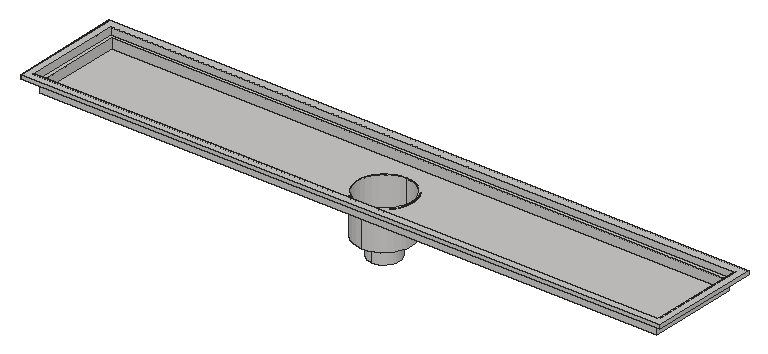
Revit family "QF_ELECTROLUXPROFESSIONAL_328065_FDB40230", category Attrezzature speciali, Revit 2020
Family settings
  Quota connettore circolare = Usa diametro
  Tipo di parte = Normale
  Basato su piano di lavoro = No
  Sempre verticale = Sì
  Taglio con vuoti quando caricato = No
  Condiviso = No
  Punto di calcolo locali = No
Parameters (values of type "Standard")
  Weight = 77.1618 lbm
  Watts = 0 W
  Volts = 0 V
  URL Manufacturer = "https://www.electroluxprofessional.com/"
  URL = "https://www.electroluxprofessional.com/"
  Steam Supply Size = 0"
  Steam Supply Minimum Pressure = 0.00 psi
  Steam Supply Maximum Pressure = 0.00 psi
  Steam Consumption per Hour = 0
  Refrigeration Suction Line Size = 0 mm
  Refrigeration Liquid Line Size = 0 mm
  Refrigerant Compressor Remote = yes
  Prospetto di default = 0 mm
  Phase = 0
  Modello = "FDB40230"
  Produttore = "Electrolux Professional"
  Length Actual = 2300 mm  # constant formula
  Item Number = "328065"
  Hot Water Size = 0"
  Height Actual = 265 mm  # constant formula
  HP = "0 HP"
  Gas Size = 0"
  Gas KW = 0
  Gas Input Pressure = 0.0 Btu/h
  Direct Waste Size = 3.93701"
  Descrizione = "FLR.DRAIN+GRATE+C.SIPH-VERT.OUT.400X2300"
  Depth Actual = 400 mm  # constant formula
  Cycle = 0 Hz
  Condensate Return Size = 0"
  Compressed Air Volume = 0 GPM
  Compressed Air Size = 0"
  Compressed Air Pressure = 0.00 psi
  Cold Water Size = 0"
  Assembly Code = ""
  Accessory = yes
Reference planes
  plane 1: z = 0
  plane 2 "Center (Front/Back)": y = -102.225
  plane 3 "Center (Left/Right)": x = 9.791
  plane 4 "TOP": z = -265
  plane 5 "Back": y = 97.775
  plane 6 "Front": y = -302.225
  plane 7: x = -140.209
  plane 8: x = 159.791
  plane 9 "Right": x = 1159.791
  plane 10 "Left": x = -1140.209
  plane 11: x = 1134.791
Forms (mm)
  Revolve 1, solid, material "QF_Metal-Stainless-Polished"
    sketch origin (9.791, 0, 0) x (0, 1, 0) y (0, 0, 1)
      loop
        line (-2.225, -62) -> (0.775, -62) -> (0.775, -60) -> (-4.225, -60) -> (-4.225, -198) -> (-49.225, -198) -> (-49.225, -265) -> (-47.225, -265) -> (-47.225, -200) -> (-2.225, -200) -> (-2.225, -62)
      axis (-102.225, -265) -> (-102.225, -60)
    angle from 0 to 360
  Sweep 2, solid, material "QF_Finishes_Stainless Steel"
    path origin (0, 0, 0) x (1, 0, 0) y (0, 1, 0)
      loop
        line (-1140.209, 97.775) -> (-1140.209, -302.225) -> (1159.791, -302.225) -> (1159.791, 97.775) -> (-1140.209, 97.775)
    profile origin (9.791, 97.775, 0) x (0, 1, 0) y (0, 0, 1)
      loop
        line (0, -11.945) -> (0, 1) -> (-26, 1) -> (-26, -25) -> (-40, -25) -> (-40, -59) -> (-50, -59) -> (-50, -60) -> (-39, -60) -> (-39, -26) -> (-25, -26) -> (-25, 0.055) -> (-1, 0.055) -> (-1, -11.945) -> (0, -11.945)
  Extrusion 3, solid, material "QF_Finishes_Stainless Steel"
    sketch origin (0, 0, 0) x (1, 0, 0) y (0, 1, 0)
      loop
        line (-1090.209, 47.775) -> (-1090.209, -252.225) -> (1109.791, -252.225) -> (1109.791, 47.775) -> (-1090.209, 47.775)
      loop
        circle (9.791, -102.225) r 98
    from -59 to -60
Cuts and joins
  joined: Sweep 2, Extrusion 3
Lines and regions (mm)
  symbolic lines
    curve 1: line (-1140.209, 97.775, 0) -> (1159.791, 97.775, 0)
    curve 2: line (-1140.209, -302.225, 0) -> (-1140.209, 97.775, 0)
    curve 3: line (1159.791, -302.225, 0) -> (-1140.209, -302.225, 0)
    curve 4: line (1159.791, 97.775, 0) -> (1159.791, -302.225, 0)
    curve 5: circle (9.791, -102.225, 0) r 115 normal (0, 0, 1)
    curve 18: circle (9.791, -102.225, 0) r 115 normal (0, 0, -1)
    curve 24: circle (9.791, -102.225, 0) r 53 normal (0, 0, 1)
    curve 70: line (-1115.209, 72.775, 0) -> (-1115.209, -277.225, 0)
    curve 71: line (1134.791, 72.775, 0) -> (-1115.209, 72.775, 0)
    curve 72: line (-1115.209, -277.225, 0) -> (1134.791, -277.225, 0)
    curve 73: line (459.791, -277.225, 0) -> (459.791, 72.775, 0)
    curve 74: line (1134.791, 72.775, 0) -> (1134.791, -277.225, 0)
    curve 124: line (759.791, -277.225, 0) -> (759.791, 72.775, 0)
    curve 140: line (1059.791, -277.225, 0) -> (1059.791, 72.775, 0)
  model lines
    curve 6: line (-100.209, 71.775, 0) -> (-100.209, -276.225, 0)
    curve 7: line (-80.209, 71.775, 0) -> (-80.209, -276.225, 0)
    curve 8: line (-60.209, 71.775, 0) -> (-60.209, -276.225, 0)
    curve 9: line (-40.209, 71.775, 0) -> (-40.209, -276.225, 0)
    curve 10: line (-20.209, 71.775, 0) -> (-20.209, -276.225, 0)
    curve 11: line (-0.209, 71.775, 0) -> (-0.209, -276.225, 0)
    curve 12: line (19.791, 71.775, 0) -> (19.791, -276.225, 0)
    curve 13: line (39.791, 71.775, 0) -> (39.791, -276.225, 0)
    curve 14: line (59.791, 71.775, 0) -> (59.791, -276.225, 0)
    curve 15: line (79.791, 71.775, 0) -> (79.791, -276.225, 0)
    curve 16: line (99.791, 71.775, 0) -> (99.791, -276.225, 0)
    curve 17: line (119.791, 71.775, 0) -> (119.791, -276.225, 0)
    curve 19: line (-1115.209, -22.225, 0) -> (1134.791, -22.225, 0)
    curve 20: line (-1115.209, -42.225, 0) -> (1134.791, -42.225, 0)
    curve 21: line (-1115.209, -62.225, 0) -> (1134.791, -62.225, 0)
    curve 22: line (-1115.209, -102.225, 0) -> (1134.791, -102.225, 0)
    curve 23: line (-1115.209, -122.225, 0) -> (1134.791, -122.225, 0)
    curve 25: line (-1115.209, 37.775, 0) -> (1134.791, 37.775, 0)
    curve 26: line (-1115.209, 17.775, 0) -> (1134.791, 17.775, 0)
    curve 27: line (-1115.209, -2.225, 0) -> (1134.791, -2.225, 0)
    curve 28: line (-1115.209, -202.225, 0) -> (1134.791, -202.225, 0)
    curve 29: line (-1115.209, -182.225, 0) -> (1134.791, -182.225, 0)
    curve 30: line (-1115.209, -162.225, 0) -> (1134.791, -162.225, 0)
    curve 31: line (-1115.209, -142.225, 0) -> (1134.791, -142.225, 0)
    curve 32: line (-1115.209, -262.225, 0) -> (1134.791, -262.225, 0)
    curve 33: line (-1115.209, -242.225, 0) -> (1134.791, -242.225, 0)
    curve 34: line (-1115.209, -222.225, 0) -> (1134.791, -222.225, 0)
    curve 35: line (-1115.209, 57.775, 0) -> (1134.791, 57.775, 0)
    curve 36: line (139.791, 71.775, 0) -> (139.791, -276.225, 0)
    curve 37: line (159.791, 71.775, 0) -> (159.791, -276.225, 0)
    curve 38: line (179.791, 71.775, 0) -> (179.791, -276.225, 0)
    curve 39: line (199.791, 71.775, 0) -> (199.791, -276.225, 0)
    curve 40: line (219.791, 71.775, 0) -> (219.791, -276.225, 0)
    curve 41: line (239.791, 71.775, 0) -> (239.791, -276.225, 0)
    curve 42: line (259.791, 71.775, 0) -> (259.791, -276.225, 0)
    curve 43: line (279.791, 71.775, 0) -> (279.791, -276.225, 0)
    curve 44: line (299.791, 71.775, 0) -> (299.791, -276.225, 0)
    curve 45: line (319.791, 71.775, 0) -> (319.791, -276.225, 0)
    curve 46: line (339.791, 71.775, 0) -> (339.791, -276.225, 0)
    curve 47: line (359.791, 71.775, 0) -> (359.791, -276.225, 0)
    curve 48: line (379.791, 71.775, 0) -> (379.791, -276.225, 0)
    curve 49: line (399.791, 71.775, 0) -> (399.791, -276.225, 0)
    curve 50: line (419.791, 71.775, 0) -> (419.791, -276.225, 0)
    curve 51: line (439.791, 71.775, 0) -> (439.791, -276.225, 0)
    curve 52: line (459.791, 72.775, 0) -> (459.791, -277.225, 0)
    curve 53: line (-1115.209, -82.225, 0) -> (1134.791, -82.225, 0)
    curve 54: line (-360.209, 71.775, 0) -> (-360.209, -276.225, 0)
    curve 55: line (-340.209, 71.775, 0) -> (-340.209, -276.225, 0)
    curve 56: line (-320.209, 71.775, 0) -> (-320.209, -276.225, 0)
    curve 57: line (-300.209, 71.775, 0) -> (-300.209, -276.225, 0)
    curve 58: line (-280.209, 71.775, 0) -> (-280.209, -276.225, 0)
    curve 59: line (-260.209, 71.775, 0) -> (-260.209, -276.225, 0)
    curve 60: line (-240.209, 71.775, 0) -> (-240.209, -276.225, 0)
    curve 61: line (-220.209, 71.775, 0) -> (-220.209, -276.225, 0)
    curve 62: line (-200.209, 71.775, 0) -> (-200.209, -276.225, 0)
    curve 63: line (-180.209, 71.775, 0) -> (-180.209, -276.225, 0)
    curve 64: line (-160.209, 71.775, 0) -> (-160.209, -276.225, 0)
    curve 65: line (-140.209, 71.775, 0) -> (-140.209, -276.225, 0)
    curve 66: line (-120.209, 71.775, 0) -> (-120.209, -276.225, 0)
    curve 67: line (-420.209, 71.775, 0) -> (-420.209, -276.225, 0)
    curve 68: line (-400.209, 71.775, 0) -> (-400.209, -276.225, 0)
    curve 69: line (-380.209, 71.775, 0) -> (-380.209, -276.225, 0)
    curve 75: line (-660.209, 71.775, 0) -> (-660.209, -276.225, 0)
    curve 76: line (-640.209, 71.775, 0) -> (-640.209, -276.225, 0)
    curve 77: line (-620.209, 71.775, 0) -> (-620.209, -276.225, 0)
    curve 78: line (-600.209, 71.775, 0) -> (-600.209, -276.225, 0)
    curve 79: line (-580.209, 71.775, 0) -> (-580.209, -276.225, 0)
    curve 80: line (-560.209, 71.775, 0) -> (-560.209, -276.225, 0)
    curve 81: line (-540.209, 71.775, 0) -> (-540.209, -276.225, 0)
    curve 82: line (-520.209, 71.775, 0) -> (-520.209, -276.225, 0)
    curve 83: line (-500.209, 71.775, 0) -> (-500.209, -276.225, 0)
    curve 84: line (-480.209, 71.775, 0) -> (-480.209, -276.225, 0)
    curve 85: line (-460.209, 71.775, 0) -> (-460.209, -276.225, 0)
    curve 86: line (-440.209, 71.775, 0) -> (-440.209, -276.225, 0)
    curve 87: line (-720.209, 71.775, 0) -> (-720.209, -276.225, 0)
    curve 88: line (-700.209, 71.775, 0) -> (-700.209, -276.225, 0)
    curve 89: line (-680.209, 71.775, 0) -> (-680.209, -276.225, 0)
    curve 90: line (-960.209, 71.775, 0) -> (-960.209, -276.225, 0)
    curve 91: line (-940.209, 71.775, 0) -> (-940.209, -276.225, 0)
    curve 92: line (-920.209, 71.775, 0) -> (-920.209, -276.225, 0)
    curve 93: line (-900.209, 71.775, 0) -> (-900.209, -276.225, 0)
    curve 94: line (-880.209, 71.775, 0) -> (-880.209, -276.225, 0)
    curve 95: line (-860.209, 71.775, 0) -> (-860.209, -276.225, 0)
    curve 96: line (-840.209, 71.775, 0) -> (-840.209, -276.225, 0)
    curve 97: line (-820.209, 71.775, 0) -> (-820.209, -276.225, 0)
    curve 98: line (-800.209, 71.775, 0) -> (-800.209, -276.225, 0)
    curve 99: line (-780.209, 71.775, 0) -> (-780.209, -276.225, 0)
    curve 100: line (-760.209, 71.775, 0) -> (-760.209, -276.225, 0)
    curve 101: line (-740.209, 71.775, 0) -> (-740.209, -276.225, 0)
    curve 102: line (-1020.209, 71.775, 0) -> (-1020.209, -276.225, 0)
    curve 103: line (-1000.209, 71.775, 0) -> (-1000.209, -276.225, 0)
    curve 104: line (-980.209, 71.775, 0) -> (-980.209, -276.225, 0)
    curve 105: line (-1060.209, 71.775, 0) -> (-1060.209, -276.225, 0)
    curve 106: line (-1040.209, 71.775, 0) -> (-1040.209, -276.225, 0)
    curve 107: line (-1100.209, 71.775, 0) -> (-1100.209, -276.225, 0)
    curve 108: line (-1080.209, 71.775, 0) -> (-1080.209, -276.225, 0)
    curve 109: line (479.791, 71.775, 0) -> (479.791, -276.225, 0)
    curve 110: line (499.791, 71.775, 0) -> (499.791, -276.225, 0)
    curve 111: line (519.791, 71.775, 0) -> (519.791, -276.225, 0)
    curve 112: line (539.791, 71.775, 0) -> (539.791, -276.225, 0)
    curve 113: line (559.791, 71.775, 0) -> (559.791, -276.225, 0)
    curve 114: line (579.791, 71.775, 0) -> (579.791, -276.225, 0)
    curve 115: line (599.791, 71.775, 0) -> (599.791, -276.225, 0)
    curve 116: line (619.791, 71.775, 0) -> (619.791, -276.225, 0)
    curve 117: line (639.791, 71.775, 0) -> (639.791, -276.225, 0)
    curve 118: line (659.791, 71.775, 0) -> (659.791, -276.225, 0)
    curve 119: line (679.791, 71.775, 0) -> (679.791, -276.225, 0)
    curve 120: line (699.791, 71.775, 0) -> (699.791, -276.225, 0)
    curve 121: line (719.791, 71.775, 0) -> (719.791, -276.225, 0)
    curve 122: line (739.791, 71.775, 0) -> (739.791, -276.225, 0)
    curve 123: line (759.791, 72.775, 0) -> (759.791, -277.225, 0)
    curve 125: line (779.791, 71.775, 0) -> (779.791, -276.225, 0)
    curve 126: line (799.791, 71.775, 0) -> (799.791, -276.225, 0)
    curve 127: line (819.791, 71.775, 0) -> (819.791, -276.225, 0)
    curve 128: line (839.791, 71.775, 0) -> (839.791, -276.225, 0)
    curve 129: line (859.791, 71.775, 0) -> (859.791, -276.225, 0)
    curve 130: line (879.791, 71.775, 0) -> (879.791, -276.225, 0)
    curve 131: line (899.791, 71.775, 0) -> (899.791, -276.225, 0)
    curve 132: line (919.791, 71.775, 0) -> (919.791, -276.225, 0)
    curve 133: line (939.791, 71.775, 0) -> (939.791, -276.225, 0)
    curve 134: line (959.791, 71.775, 0) -> (959.791, -276.225, 0)
    curve 135: line (979.791, 71.775, 0) -> (979.791, -276.225, 0)
    curve 136: line (999.791, 71.775, 0) -> (999.791, -276.225, 0)
    curve 137: line (1019.791, 71.775, 0) -> (1019.791, -276.225, 0)
    curve 138: line (1039.791, 71.775, 0) -> (1039.791, -276.225, 0)
    curve 139: line (1059.791, 72.775, 0) -> (1059.791, -277.225, 0)
    curve 141: line (1079.791, 71.775, 0) -> (1079.791, -276.225, 0)
    curve 142: line (1099.791, 71.775, 0) -> (1099.791, -276.225, 0)
    curve 143: line (1119.791, 71.775, 0) -> (1119.791, -276.225, 0)
Dimensions and locks
  equal spacing: plane 8, plane 3 "Center (Left/Right)", plane 7
  level to plane 4 "TOP" = 265 mm
  locked: Revolve 1 sketch curve to Revolve 1 sketch curve at 100
  locked: Revolve 1 sketch curve to Revolve 1 sketch curve at 55
  locked: plane 8 to plane 7 at 300
  equal spacing: plane 6 "Front", plane 2 "Center (Front/Back)", plane 5 "Back"
  locked: plane 6 "Front" to plane 5 "Back" at 400
  equal spacing: plane 10 "Left", plane 3 "Center (Left/Right)", plane 9 "Right"
  locked: plane 10 "Left" to plane 9 "Right" at 2300
  locked: plane 11 to plane 9 "Right" at 25
  aligned and locked: level to plane 1
  aligned and locked: Sweep 2 sketch curve to plane 9 "Right"
  aligned and locked: curve 4 to plane 9 "Right"
  aligned and locked: plane 10 "Left" to Sweep 2 sketch curve
  aligned and locked: plane 10 "Left" to curve 2
  aligned and locked: plane 11 to curve 25
Automatic sketch dimensions
  plane 6 "Front" to Sweep 2 sketch curve = 0 mm
  plane 5 "Back" to Sweep 2 sketch curve = 0 mm
  level to Sweep 2 sketch curve = 1 mm
  Sweep 2 sketch curve to profile plane = 0 mm
  profile plane to Sweep 2 sketch curve = 1 mm
  profile plane to Sweep 2 sketch curve = 25 mm
  Sweep 2 sketch curve to Sweep 2 sketch curve = 1 mm  (x4)
  Sweep 2 sketch curve to Sweep 2 sketch curve = 14 mm
  level to Sweep 2 sketch curve = 0.055 mm
  Sweep 2 sketch curve to Sweep 2 sketch curve = 12 mm
  Sweep 2 sketch curve to level = 25 mm
  Sweep 2 sketch curve to Sweep 2 sketch curve = 33 mm
  Sweep 2 sketch curve to Sweep 2 sketch curve = 10 mm
  Extrusion 3 sketch curve to plane 2 "Center (Front/Back)" = 0 mm
  Extrusion 3 sketch curve to plane 3 "Center (Left/Right)" = 0 mm
  Extrusion 3 sketch curve to plane 9 "Right" = 50 mm
  Extrusion 3 sketch curve to plane 6 "Front" = 50 mm
  plane 5 "Back" to Extrusion 3 sketch curve = 50 mm
  plane 10 "Left" to Extrusion 3 sketch curve = 50 mm
  Revolve 1 sketch curve to plane 2 "Center (Front/Back)" = 0 mm
  Revolve 1 sketch curve to plane 4 "TOP" = 0 mm
  Revolve 1 sketch curve to Revolve 1 sketch curve = 2 mm  (x4)
  Revolve 1 sketch curve to Revolve 1 sketch curve = 3 mm
  plane 4 "TOP" to Revolve 1 sketch curve = 65 mm
  Revolve 1 sketch curve to level = 60 mm
  Revolve 1 sketch curve to plane 4 "TOP" = 344.6 mm
  level to Revolve 1 sketch curve = 2466.13 mm
  curve 5 to curve 18 = 0 mm  (x2)
  curve 5 to curve 24 = 0 mm  (x2)
  curve 22 to plane 2 "Center (Front/Back)" = 0 mm
  curve 65 to plane 7 = 0 mm
  curve 18 to plane 2 "Center (Front/Back)" = 0 mm
  curve 18 to plane 3 "Center (Left/Right)" = 0 mm
  curve 37 to plane 8 = 0 mm
  plane 6 "Front" to curve 3 = 0 mm
  plane 5 "Back" to curve 2 = 0 mm
  plane 10 "Left" to curve 71 = 25 mm
  plane 5 "Back" to curve 52 = 25 mm
  plane 8 to curve 52 = 300 mm
  curve 72 to plane 6 "Front" = 25 mm
  curve 73 to plane 6 "Front" = 25 mm
  plane 5 "Back" to curve 71 = 25 mm
  curve 70 to curve 107 = 15 mm
  curve 107 to curve 108 = 20 mm
  curve 108 to curve 105 = 20 mm
  curve 105 to curve 106 = 20 mm
  curve 106 to curve 102 = 20 mm
  curve 102 to curve 103 = 20 mm
  curve 103 to curve 104 = 20 mm
  curve 104 to curve 90 = 20 mm
  curve 90 to curve 91 = 20 mm
  curve 91 to curve 92 = 20 mm
  curve 92 to curve 93 = 20 mm
  curve 93 to curve 94 = 20 mm
  curve 94 to curve 95 = 20 mm
  curve 95 to curve 96 = 20 mm
  curve 96 to curve 97 = 20 mm
  curve 97 to curve 98 = 20 mm
  curve 98 to curve 99 = 20 mm
  curve 99 to curve 100 = 20 mm
  curve 100 to curve 101 = 20 mm
  curve 101 to curve 87 = 20 mm
  curve 87 to curve 88 = 20 mm
  curve 88 to curve 89 = 20 mm
  curve 89 to curve 75 = 20 mm
  curve 75 to curve 76 = 20 mm
  curve 76 to curve 77 = 20 mm
  curve 77 to curve 78 = 20 mm
  curve 78 to curve 79 = 20 mm
  curve 79 to curve 80 = 20 mm
  curve 80 to curve 81 = 20 mm
  curve 81 to curve 82 = 20 mm
  curve 82 to curve 83 = 20 mm
  curve 83 to curve 84 = 20 mm
  curve 84 to curve 85 = 20 mm
  curve 85 to curve 86 = 20 mm
  curve 86 to curve 67 = 20 mm
  curve 67 to curve 68 = 20 mm
  curve 68 to curve 69 = 20 mm
  curve 69 to curve 54 = 20 mm
  curve 54 to curve 55 = 20 mm
  curve 55 to curve 56 = 20 mm
  curve 56 to curve 57 = 20 mm
  curve 57 to curve 58 = 20 mm
  curve 58 to curve 59 = 20 mm
  curve 59 to curve 60 = 20 mm
  curve 60 to curve 61 = 20 mm
  curve 61 to curve 62 = 20 mm
  curve 62 to curve 63 = 20 mm
  curve 64 to plane 7 = 20 mm
  curve 65 to curve 66 = 20 mm
  curve 66 to curve 6 = 20 mm
  curve 6 to curve 7 = 20 mm
  curve 7 to curve 8 = 20 mm
  curve 8 to curve 9 = 20 mm
  curve 9 to curve 10 = 20 mm
  curve 11 to plane 3 "Center (Left/Right)" = 10 mm
  plane 3 "Center (Left/Right)" to curve 12 = 10 mm
  curve 12 to curve 13 = 20 mm
  curve 13 to curve 14 = 20 mm
  curve 14 to curve 15 = 20 mm
  curve 15 to curve 16 = 20 mm
  curve 16 to curve 17 = 20 mm
  curve 17 to curve 36 = 20 mm
  plane 8 to curve 38 = 20 mm
  curve 38 to curve 39 = 20 mm
  curve 39 to curve 40 = 20 mm
  curve 40 to curve 41 = 20 mm
  curve 41 to curve 42 = 20 mm
  curve 42 to curve 43 = 20 mm
  curve 43 to curve 44 = 20 mm
  curve 44 to curve 45 = 20 mm
  curve 45 to curve 46 = 20 mm
  curve 46 to curve 47 = 20 mm
  curve 47 to curve 48 = 20 mm
  curve 48 to curve 49 = 20 mm
  curve 49 to curve 50 = 20 mm
  curve 50 to curve 51 = 20 mm
  curve 52 to curve 109 = 20 mm
  curve 109 to curve 110 = 20 mm
  curve 110 to curve 111 = 20 mm
  curve 111 to curve 112 = 20 mm
  curve 112 to curve 113 = 20 mm
  curve 113 to curve 114 = 20 mm
  curve 114 to curve 115 = 20 mm
  curve 115 to curve 116 = 20 mm
  curve 116 to curve 117 = 20 mm
  curve 117 to curve 118 = 20 mm
  curve 118 to curve 119 = 20 mm
  curve 119 to curve 120 = 20 mm
  curve 120 to curve 121 = 20 mm
  curve 121 to curve 122 = 20 mm
  curve 122 to curve 124 = 20 mm
  curve 123 to curve 124 = 0 mm
  curve 123 to curve 125 = 20 mm
  curve 125 to curve 126 = 20 mm
  curve 126 to curve 127 = 20 mm
  curve 127 to curve 128 = 20 mm
  curve 128 to curve 129 = 20 mm
  curve 129 to curve 130 = 20 mm
  curve 130 to curve 131 = 20 mm
  curve 131 to curve 132 = 20 mm
  curve 132 to curve 133 = 20 mm
  curve 133 to curve 134 = 20 mm
  curve 134 to curve 135 = 20 mm
  curve 135 to curve 136 = 20 mm
  curve 136 to curve 137 = 20 mm
  curve 137 to curve 138 = 20 mm
  curve 138 to curve 139 = 20 mm
  curve 140 to curve 139 = 0 mm
  curve 139 to curve 141 = 20 mm
  curve 141 to curve 142 = 20 mm
  plane 11 to curve 143 = 15 mm
  curve 9 to plane 6 "Front" = 26 mm
  curve 136 to plane 6 "Front" = 26 mm
  curve 9 to curve 10 = 0 mm
  curve 135 to curve 136 = 0 mm  (x2)
  curve 10 to curve 11 = 0 mm  (x2)
  curve 134 to curve 135 = 0 mm  (x2)
  curve 11 to curve 12 = 0 mm  (x2)
  curve 133 to curve 134 = 0 mm  (x2)
  curve 12 to curve 13 = 0 mm  (x2)
  curve 132 to curve 133 = 0 mm  (x2)
  curve 13 to curve 14 = 0 mm  (x2)
  curve 131 to curve 132 = 0 mm  (x2)
  curve 14 to curve 15 = 0 mm  (x2)
  curve 130 to curve 131 = 0 mm  (x2)
  curve 15 to curve 16 = 0 mm  (x2)
  curve 129 to curve 130 = 0 mm  (x2)
  curve 16 to curve 17 = 0 mm  (x2)
  curve 128 to curve 129 = 0 mm  (x2)
  curve 127 to curve 128 = 0 mm  (x2)
  curve 126 to curve 127 = 0 mm  (x2)
  curve 125 to curve 126 = 0 mm  (x2)
  curve 136 to curve 137 = 0 mm  (x2)
  curve 8 to curve 9 = 0 mm  (x2)
  curve 124 to curve 122 = 1 mm
  curve 121 to curve 122 = 0 mm  (x2)
  curve 120 to curve 121 = 0 mm  (x2)
  curve 119 to curve 120 = 0 mm  (x2)
  curve 118 to curve 119 = 0 mm  (x2)
  curve 117 to curve 118 = 0 mm  (x2)
  curve 116 to curve 117 = 0 mm  (x2)
  curve 115 to curve 116 = 0 mm  (x2)
  curve 114 to curve 115 = 0 mm  (x2)
  curve 113 to curve 114 = 0 mm  (x2)
  curve 112 to curve 113 = 0 mm  (x2)
  curve 111 to curve 112 = 0 mm  (x2)
  curve 110 to curve 111 = 0 mm  (x2)
  curve 109 to curve 110 = 0 mm  (x2)
  curve 108 to plane 6 "Front" = 26 mm
  curve 70 to curve 107 = 1 mm
  curve 106 to plane 6 "Front" = 26 mm
  curve 105 to curve 106 = 0 mm
  curve 137 to curve 138 = 0 mm
  curve 103 to plane 6 "Front" = 26 mm
  curve 102 to curve 103 = 0 mm  (x2)
  curve 101 to plane 6 "Front" = 26 mm
  curve 100 to curve 101 = 0 mm
  curve 99 to curve 100 = 0 mm  (x2)
  curve 98 to curve 99 = 0 mm  (x2)
  curve 97 to curve 98 = 0 mm
  curve 96 to curve 97 = 0 mm  (x2)
  curve 95 to curve 96 = 0 mm  (x2)
  curve 94 to curve 95 = 0 mm  (x2)
  curve 17 to curve 36 = 0 mm  (x2)
  curve 93 to curve 94 = 0 mm  (x2)
  curve 36 to curve 37 = 0 mm  (x2)
  curve 92 to curve 93 = 0 mm  (x2)
  curve 37 to curve 38 = 0 mm  (x2)
  curve 91 to curve 92 = 0 mm  (x2)
  curve 38 to curve 39 = 0 mm  (x2)
  curve 90 to curve 91 = 0 mm  (x2)
  curve 39 to curve 40 = 0 mm  (x2)
  curve 89 to plane 6 "Front" = 26 mm
  curve 40 to curve 41 = 0 mm  (x2)
  curve 88 to curve 89 = 0 mm  (x2)
  curve 41 to curve 42 = 0 mm  (x2)
  curve 87 to curve 88 = 0 mm  (x2)
  curve 42 to curve 43 = 0 mm  (x2)
  curve 86 to plane 6 "Front" = 26 mm
  curve 43 to curve 44 = 0 mm  (x2)
  curve 85 to curve 86 = 0 mm  (x2)
  curve 44 to curve 45 = 0 mm  (x2)
  curve 84 to curve 85 = 0 mm  (x2)
  curve 45 to curve 46 = 0 mm  (x2)
  curve 83 to curve 84 = 0 mm  (x2)
  curve 46 to curve 47 = 0 mm  (x2)
  curve 82 to curve 83 = 0 mm  (x2)
  curve 47 to curve 48 = 0 mm  (x2)
  curve 81 to curve 82 = 0 mm  (x2)
  curve 48 to curve 49 = 0 mm  (x2)
  curve 80 to curve 81 = 0 mm
  curve 49 to curve 50 = 0 mm  (x2)
  curve 79 to curve 80 = 0 mm  (x2)
  curve 50 to curve 51 = 0 mm  (x2)
  curve 78 to curve 79 = 0 mm  (x2)
  curve 7 to curve 8 = 0 mm  (x2)
  curve 77 to curve 78 = 0 mm  (x2)
  curve 76 to curve 77 = 0 mm
  curve 75 to curve 76 = 0 mm  (x2)
  curve 54 to plane 6 "Front" = 26 mm
  curve 6 to curve 7 = 0 mm  (x2)
  curve 54 to curve 55 = 0 mm  (x2)
  curve 72 to curve 143 = 1 mm
  curve 55 to curve 56 = 0 mm  (x2)
  curve 139 to curve 141 = 1 mm
  curve 56 to curve 57 = 0 mm  (x2)
  curve 141 to curve 142 = 0 mm  (x2)
  curve 57 to curve 58 = 0 mm  (x2)
  curve 104 to curve 90 = 0 mm  (x2)
  curve 58 to curve 59 = 0 mm  (x2)
  curve 69 to curve 54 = 0 mm
  curve 59 to curve 60 = 0 mm  (x2)
  curve 68 to curve 69 = 0 mm  (x2)
  curve 60 to curve 61 = 0 mm  (x2)
  curve 67 to curve 68 = 0 mm  (x2)
  curve 61 to curve 62 = 0 mm  (x2)
  curve 66 to curve 6 = 0 mm
  curve 62 to curve 63 = 0 mm  (x2)
  curve 65 to curve 66 = 0 mm  (x2)
  curve 64 to curve 65 = 0 mm  (x2)
  curve 72 to curve 32 = 15 mm
  curve 32 to curve 33 = 20 mm
  curve 33 to curve 34 = 20 mm
  curve 34 to curve 28 = 20 mm
  curve 28 to curve 29 = 20 mm
  curve 29 to curve 30 = 20 mm
  curve 30 to curve 31 = 20 mm
  curve 23 to curve 22 = 20 mm
  plane 2 "Center (Front/Back)" to curve 53 = 20 mm
  curve 53 to curve 21 = 20 mm
  curve 21 to curve 20 = 20 mm
  curve 20 to curve 19 = 20 mm
  curve 19 to curve 27 = 20 mm
  curve 27 to curve 26 = 20 mm
  curve 26 to curve 25 = 20 mm
  curve 35 to curve 70 = 15 mm
  plane 5 "Back" to curve 47 = 26 mm
  plane 5 "Back" to curve 84 = 26 mm
  plane 5 "Back" to curve 87 = 26 mm
  plane 5 "Back" to curve 90 = 26 mm
  curve 89 to curve 75 = 0 mm
  plane 5 "Back" to curve 98 = 26 mm
  plane 5 "Back" to curve 6 = 26 mm
  curve 141 to curve 139 = 1 mm
  plane 5 "Back" to curve 56 = 26 mm
  plane 5 "Back" to curve 79 = 26 mm
  plane 5 "Back" to curve 102 = 26 mm
  plane 5 "Back" to curve 65 = 26 mm
  plane 5 "Back" to curve 105 = 26 mm
  curve 106 to curve 102 = 0 mm
  curve 143 to curve 71 = 1 mm
  curve 107 to curve 70 = 1 mm
  curve 108 to curve 105 = 0 mm
  plane 5 "Back" to curve 69 = 26 mm
  curve 109 to curve 52 = 1 mm
  curve 138 to curve 140 = 1 mm
  curve 125 to curve 123 = 1 mm
  curve 101 to curve 87 = 0 mm
  radius of Extrusion 3 sketch curve = 98 mm
  radius of curve 5 = 115 mm
  radius of curve 18 = 115 mm
  radius of curve 24 = 53 mm
Connectors
  piping at (9.791, -102.225, -265), diameter 100, driven by "Direct Waste Size"
    settings: on Revolve 1, index 1, connector inside diameter 24", connector length 0 mm, flow factor 0, pipe flow 0 GPM, pressure drop 0.00 psi, fitting loss kfactor 0, connector angle 0.00°, fixture units 0, engagement length 0 mm, angle of deflection 0.00°, flow configuration 1, flow direction 2, fitting loss method 0, system type 16, joint type 0, gender type 0, connector reference index -1, connector utility 0, adjustable connector no, is connector primary yes, connector description "Drain"
